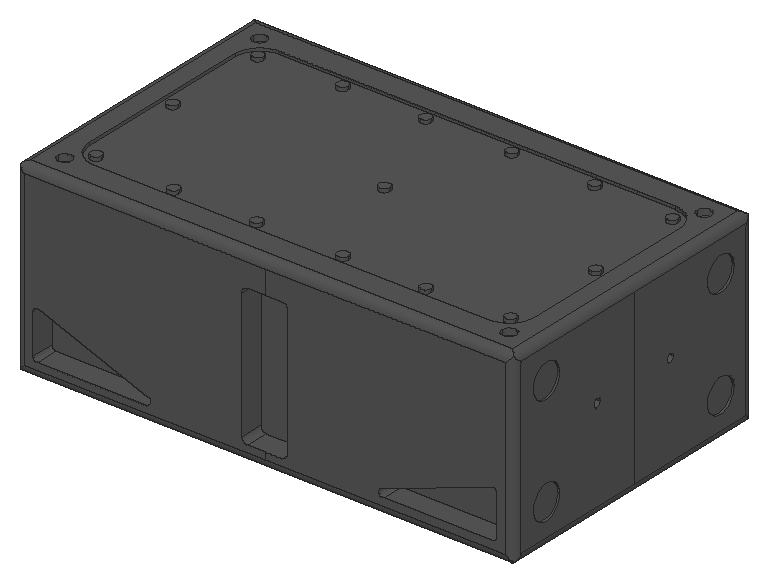
Revit family "1Electronics_Community-Subwoofers_Biamp_VLF_208", category Communication Devices, host Face, Revit 2020
Family settings
  Host = Face
  Maintain Annotation Orientation = No
  Round Connector Dimension = Use Diameter
  Part Type = Normal
  OmniClass Number = 23.85.10.11.14.14.14
  Cut with Voids When Loaded = No
  Shared = No
  Room Calculation Point = No
Parameters (values of type "VLF-208 B")
  Width = 1' - 9 3/4"  # constant formula
  Weight = 42.00 lbf  # constant formula
  URL = "https://www.biamp.com/"
  U-bracket [instance] = no
  Sensitivity (1W/1m) = "95 dB SPL (63 Hz to 160 Hz 1/3 octave bands)"  # constant formula
  Required Accessories = "Digital signal processor"  # constant formula
  Recommended Signal Processing = "55 Hz high pass filter, 48 dB/Oct"  # constant formula
  Recommended Power Amplifier = "630W to 900W @ 4 ohms"  # constant formula
  Product data url = "https://www.bimobject.com/biamp/product/vlf208_community-subwoofer"
  Product Page URL = "https://www.biamp.com/products/product-families/community/community-subwoofers#vlf208"
  Product Documentation Link = "https://downloads.biamp.com/assets/docs/default-source/data-sheets/biamp_data_sheet_community_vlf208.pdf"
  Optional Accessories = "VLF-SAB steered array bracket; VLF-Y208 yoke mounting bracket "  # constant formula
  Operating Range = "55 Hz to 400 Hz, 60 Hz to 160 Hz (±1 dB) processed "  # constant formula
  Nominal –6dB Beamwidth = "360° H x 180° V"  # constant formula
  Nominal Impedance = "4 ohms"  # constant formula
  Nom U-bracket [instance] = not([U-bracket])  # yes
  Nom Distances [instance] = if([U-bracket], 0' 10 85/256", 0' 0")  # 0' - 0"
  Mounting/Rigging Provisions = "(8) M10 hang points"  # constant formula
  Model = "VLF-208 B"
  Minimum Impedance = "4.8 ohms @ 130 Hz"  # constant formula
  Maximum Output = "120 dB SPL / 127 dB SPL (peak)"  # constant formula
  Material of U-bracket = Biamp - Metal - Black
  Manufacturer = "Biamp"  # constant formula
  Loudspeaker Type = "Compact subwoofer"  # constant formula
  Input Connection = "(1) NL4-compatible locking connector, (1) 2 conductor barrier strip "  # constant formula
  Housing Material = Biamp - Plastic - Black
  Height = 0' - 8 1/4"  # constant formula
  Enclosure = "11-ply cross-laminated birch "  # constant formula
  Drivers = "LF (2) 8 inches"  # constant formula
  Driver Protection = "DYNA-TECH™ "  # constant formula
  Description = "VLF208 Versatile Low Frequency Dual 8-Inch Slot-Loaded Micro Subwoofer"  # constant formula
  Depth = 1' - 1"  # constant formula
  Default Elevation = 4' - 0"
  Connector Description = "NL4, Terminal strip; 300W continuous, 750W program, 4 ohms 35 volts RMS, 77 volts momentary peak"  # constant formula
  Axial Q / DI = "1/0, 60 Hz to 160 Hz"  # constant formula
  Nom Angle [instance] = if([U-bracket], 180.00°, 0.00°)  # 0.00°
Reference planes (in)
  plane 1 "Center (Front/Back)": y = 0
  plane 2: z = 0
  plane 3 "Center (Left/Right)": x = 0
Lines and regions (in)
  reference lines
    curve 1: line (13.25, 0, 0) -> (-13.25, 0, 0)
    curve 2: line (0, 0, 0) -> (-17.5, 0, 0)
Dimensions and locks (in)
  "Nom Distances": curve 1 to plane 2
  "Nom Angle": angle curve 2 to curve 1
  aligned and locked: plane 2 to host face
  aligned and locked: level to host face
  aligned and locked: plane 3 "Center (Left/Right)" to nested 1
  aligned and locked: plane 1 "Center (Front/Back)" to nested 1
  aligned and locked: plane 3 "Center (Left/Right)" to curve 2
  aligned and locked: curve 1 to curve 2
  aligned and locked: nested 2 to curve 2
Automatic sketch dimensions
  host sketch curve to host sketch curve = 8' - 0"  (x2)
  curve 1 to plane 3 "Center (Left/Right)" = 1' - 1 1/4"
  plane 3 "Center (Left/Right)" to curve 1 = 1' - 1 1/4"
Nested families (in)
  nested 1: "U-bracket" at (0, 0, 0), visible <- "U-bracket", Mounting Material <- "Material of U-bracket", type "U-bracket"
    with Mounting Material Biamp - Metal - Black
  nested 2: "Biamp_VLF_208" at (0, 0, 0), Position <- "Nom U-bracket", Housing Material <- "Housing Material", type "VLF-208"
    with Position yes, Housing Material Biamp - Plastic - Black
Connectors (in)
  electrical at (-5.48423, 6.5, 5.94084), driven by "Connector Description"
    settings: on nested 2, index 1, voltage 0 V, apparent load 0 VA, apparent load phase1 0 VA, apparent load phase2 0 VA, apparent load phase3 0 VA, power factor 1, load classification "Other", number of poles 1, system type 5, power factor state 1, is connector primary yes, connector utility no, sub classification motor no, connector description "NL4, Terminal strip; 300W continuous, 750W program, 4 ohms 35 volts RMS, 77 volts momentary peak"
  electrical at (-6.88423, 6.5, 6.11916), driven by "Connector Description"
    settings: on nested 2, index 2, voltage 0 V, apparent load 0 VA, apparent load phase1 0 VA, apparent load phase2 0 VA, apparent load phase3 0 VA, power factor 1, load classification "Other", number of poles 1, system type 5, power factor state 1, is connector primary no, connector utility no, sub classification motor no, connector description "NL4, Terminal strip; 300W continuous, 750W program, 4 ohms 35 volts RMS, 77 volts momentary peak"
Definition of nested family "U-bracket"
  Parameters (values of type "U-bracket")
    URL = "https://www.biamp.com/"
    Mounting Material [instance] = none
    Manufacturer = "Biamp"  # constant formula
    Height = 0' - 0"
    Default Elevation = 4' - 0"
  Reference planes (in)
    plane 1 "Center (Front/Back)": y = 0
    plane 2: z = 0
    plane 3 "Center (Left/Right)": x = 0
  Forms (in)
    Extrusion 1, solid
      sketch origin (0, 0, 0) x (1, 0, 0) y (0, 1, 0)
        loop
          line (-48, 48) -> (-48, -48) -> (48, -48) -> (48, 48) -> (-48, 48)
      from 0 to -12
    Extrusion 2, solid, material <- "Mounting Material"
      sketch origin (0, 0, 0) x (1, 0, 0) y (0, 0, 1)
        loop
          line (-10.875, 0) -> (10.875, 0)
          arc (10.875, 0) -> (10.95852, 0.03459) -> (10.99311, 0.11811) r 0.11811
          line (10.99311, 0.11811) -> (10.99311, 6.1) -> (10.875, 6.1) -> (10.875, 0.23622)
          arc (10.875, 0.23622) -> (10.84041, 0.1527) -> (10.75689, 0.11811) r 0.11811
          line (10.75689, 0.11811) -> (-10.75689, 0.11811)
          arc (-10.75689, 0.11811) -> (-10.84041, 0.1527) -> (-10.875, 0.23622) r 0.11811
          line (-10.875, 0.23622) -> (-10.875, 6.1) -> (-10.99311, 6.1) -> (-10.99311, 0.11811)
          arc (-10.99311, 0.11811) -> (-10.95852, 0.03459) -> (-10.875, 0) r 0.11811
      from -2.6 to 2.6
    Extrusion 3, void
      sketch origin (0, 0, 0) x (0, 1, 0) y (0, 0, 1)
        loop
          line (-2.19685, 5.5) -> (-2.19685, 5.1063)
          arc (-2.19685, 5.1063) -> (-2, 4.90945) -> (-1.80315, 5.1063) r 0.19685
          line (-1.80315, 5.1063) -> (-1.80315, 5.5)
          arc (-1.80315, 5.5) -> (-2, 5.69685) -> (-2.19685, 5.5) r 0.19685
        loop
          arc (2.19685, 5.5) -> (2, 5.69685) -> (1.80315, 5.5) r 0.19685
          line (1.80315, 5.5) -> (1.80315, 5.1063)
          arc (1.80315, 5.1063) -> (2, 4.90945) -> (2.19685, 5.1063) r 0.19685
          line (2.19685, 5.1063) -> (2.19685, 5.5)
      from 10.875 to 10.99311
    Extrusion 4, void
      sketch origin (0, 0, 0) x (0, 1, 0) y (0, 0, -1)
        loop
          arc (-2.19685, -5.5) -> (-2, -5.69685) -> (-1.80315, -5.5) r 0.19685
          line (-1.80315, -5.5) -> (-1.80315, -5.1063)
          arc (-1.80315, -5.1063) -> (-2, -4.90945) -> (-2.19685, -5.1063) r 0.19685
          line (-2.19685, -5.1063) -> (-2.19685, -5.5)
        loop
          line (2.19685, -5.5) -> (2.19685, -5.1063)
          arc (2.19685, -5.1063) -> (2, -4.90945) -> (1.80315, -5.1063) r 0.19685
          line (1.80315, -5.1063) -> (1.80315, -5.5)
          arc (1.80315, -5.5) -> (2, -5.69685) -> (2.19685, -5.5) r 0.19685
      from 10.875 to 10.99311
    Extrusion 5, void
      sketch origin (0, 0, 0) x (1, 0, 0) y (0, 1, 0)
        loop
          line (-0.19685, -2.19685) -> (0.19685, -2.19685)
          arc (0.19685, -2.19685) -> (0.3937, -2) -> (0.19685, -1.80315) r 0.19685
          line (0.19685, -1.80315) -> (-0.19685, -1.80315)
          arc (-0.19685, -1.80315) -> (-0.3937, -2) -> (-0.19685, -2.19685) r 0.19685
        loop
          arc (-0.19685, 2.19685) -> (-0.3937, 2) -> (-0.19685, 1.80315) r 0.19685
          line (-0.19685, 1.80315) -> (0.19685, 1.80315)
          arc (0.19685, 1.80315) -> (0.3937, 2) -> (0.19685, 2.19685) r 0.19685
          line (0.19685, 2.19685) -> (-0.19685, 2.19685)
        loop
          arc (-2.19685, -0.19685) -> (-2, -0.3937) -> (-1.80315, -0.19685) r 0.19685
          line (-1.80315, -0.19685) -> (-1.80315, 0.19685)
          arc (-1.80315, 0.19685) -> (-2, 0.3937) -> (-2.19685, 0.19685) r 0.19685
          line (-2.19685, 0.19685) -> (-2.19685, -0.19685)
        loop
          line (2.19685, -0.19685) -> (2.19685, 0.19685)
          arc (2.19685, 0.19685) -> (2, 0.3937) -> (1.80315, 0.19685) r 0.19685
          line (1.80315, 0.19685) -> (1.80315, -0.19685)
          arc (1.80315, -0.19685) -> (2, -0.3937) -> (2.19685, -0.19685) r 0.19685
        loop
          line (8.46457, -2.19685) -> (8.85827, -2.19685)
          arc (8.85827, -2.19685) -> (9.05512, -2) -> (8.85827, -1.80315) r 0.19685
          line (8.85827, -1.80315) -> (8.46457, -1.80315)
          arc (8.46457, -1.80315) -> (8.26772, -2) -> (8.46457, -2.19685) r 0.19685
        loop
          arc (8.46457, 2.19685) -> (8.26772, 2) -> (8.46457, 1.80315) r 0.19685
          line (8.46457, 1.80315) -> (8.85827, 1.80315)
          arc (8.85827, 1.80315) -> (9.05512, 2) -> (8.85827, 2.19685) r 0.19685
          line (8.85827, 2.19685) -> (8.46457, 2.19685)
        loop
          arc (-8.46457, -2.19685) -> (-8.26772, -2) -> (-8.46457, -1.80315) r 0.19685
          line (-8.46457, -1.80315) -> (-8.85827, -1.80315)
          arc (-8.85827, -1.80315) -> (-9.05512, -2) -> (-8.85827, -2.19685) r 0.19685
          line (-8.85827, -2.19685) -> (-8.46457, -2.19685)
        loop
          line (-8.46457, 2.19685) -> (-8.85827, 2.19685)
          arc (-8.85827, 2.19685) -> (-9.05512, 2) -> (-8.85827, 1.80315) r 0.19685
          line (-8.85827, 1.80315) -> (-8.46457, 1.80315)
          arc (-8.46457, 1.80315) -> (-8.26772, 2) -> (-8.46457, 2.19685) r 0.19685
        loop
          circle (3.91942, 0) r 0.49213
        loop
          circle (-3.91942, 0) r 0.49213
      from 0 to 0.11811
    Extrusion 6, void
      sketch origin (0, 0, 0) x (0, 1, 0) y (0, 0, 1)
        loop
          line (-2.6, 6.1) -> (-2.6, 5.7063)
          arc (-2.6, 5.7063) -> (-2.48469, 5.98469) -> (-2.2063, 6.1) r 0.3937
          line (-2.2063, 6.1) -> (-2.6, 6.1)
        loop
          line (2.6, 6.1) -> (2.2063, 6.1)
          arc (2.2063, 6.1) -> (2.48469, 5.98469) -> (2.6, 5.7063) r 0.3937
          line (2.6, 5.7063) -> (2.6, 6.1)
      from 10.875 to 10.99311
    Extrusion 7, void
      sketch origin (0, 0, 0) x (0, 1, 0) y (0, 0, -1)
        loop
          line (-2.6, -6.1) -> (-2.2063, -6.1)
          arc (-2.2063, -6.1) -> (-2.48469, -5.98469) -> (-2.6, -5.7063) r 0.3937
          line (-2.6, -5.7063) -> (-2.6, -6.1)
        loop
          line (2.6, -6.1) -> (2.6, -5.7063)
          arc (2.6, -5.7063) -> (2.48469, -5.98469) -> (2.2063, -6.1) r 0.3937
          line (2.2063, -6.1) -> (2.6, -6.1)
      from 10.875 to 10.99311
    Extrusion 8, solid, material <- "Mounting Material"
      sketch origin (0, 0, 0) x (0, 1, 0) y (0, 0, 1)
        loop
          line (-1.80679, 5.16535) -> (-1.61358, 5.5) -> (-1.80679, 5.83465) -> (-2.19321, 5.83465) -> (-2.38642, 5.5) -> (-2.19321, 5.16535) -> (-1.80679, 5.16535)
        loop
          line (1.80679, 5.16535) -> (2.19321, 5.16535) -> (2.38642, 5.5) -> (2.19321, 5.83465) -> (1.80679, 5.83465) -> (1.61358, 5.5) -> (1.80679, 5.16535)
      from 10.99311 to 11.24508
    Extrusion 9, solid, material <- "Mounting Material"
      sketch origin (0, 0, 0) x (0, 1, 0) y (0, 0, -1)
        loop
          line (-1.80679, -5.16535) -> (-2.19321, -5.16535) -> (-2.38642, -5.5) -> (-2.19321, -5.83465) -> (-1.80679, -5.83465) -> (-1.61358, -5.5) -> (-1.80679, -5.16535)
        loop
          line (1.80679, -5.16535) -> (1.61358, -5.5) -> (1.80679, -5.83465) -> (2.19321, -5.83465) -> (2.38642, -5.5) -> (2.19321, -5.16535) -> (1.80679, -5.16535)
      from 10.99311 to 11.24508
  Cuts and joins
    Extrusion 3, Extrusion 4, Extrusion 5, Extrusion 6, Extrusion 7 cuts Extrusion 2
  Lines and regions (in)
    Masking region 1
      outline origin (0, 0, 0) x (1, 0, 0) y (0, 0, 1)
        loop
          line (-10.875, 0.23622) -> (-10.875, 6.1) -> (-10.99311, 6.1) -> (-10.99311, 0.11811)
          arc (-10.99311, 0.11811) -> (-10.95852, 0.03459) -> (-10.875, 0) r 0.11811
          line (-10.875, 0) -> (10.875, 0)
          arc (10.875, 0) -> (10.95852, 0.03459) -> (10.99311, 0.11811) r 0.11811
          line (10.99311, 0.11811) -> (10.99311, 6.1) -> (10.875, 6.1) -> (10.875, 0.23622)
          arc (10.875, 0.23622) -> (10.84041, 0.1527) -> (10.75689, 0.11811) r 0.11811
          line (10.75689, 0.11811) -> (-10.75689, 0.11811)
          arc (-10.75689, 0.11811) -> (-10.84041, 0.1527) -> (-10.875, 0.23622) r 0.11811
    Masking region 2
      outline origin (0, 0, 0) x (0, 1, 0) y (0, 0, 1)
        loop
          line (-1.80315, 5.1063) -> (-1.80315, 5.16535) -> (-2.19685, 5.16535) -> (-2.19685, 5.1063)
          arc (-2.19685, 5.1063) -> (-2, 4.90945) -> (-1.80315, 5.1063) r 0.19685
        loop
          arc (1.80315, 5.1063) -> (2, 4.90945) -> (2.19685, 5.1063) r 0.19685
          line (2.19685, 5.1063) -> (2.19685, 5.16535) -> (1.80315, 5.16535) -> (1.80315, 5.1063)
        loop
          arc (-2.2063, 6.1) -> (-2.48469, 5.98469) -> (-2.6, 5.7063) r 0.3937
          line (-2.6, 5.7063) -> (-2.6, 0) -> (2.6, 0) -> (2.6, 5.7063)
          arc (2.6, 5.7063) -> (2.48469, 5.98469) -> (2.2063, 6.1) r 0.3937
          line (2.2063, 6.1) -> (-2.2063, 6.1)
    Masking region 3
      outline origin (0, 0, 0) x (1, 0, 0) y (0, 1, 0)
        loop
          line (10.99311, 2.6) -> (-10.99311, 2.6) -> (-10.99311, -2.6) -> (10.99311, -2.6) -> (10.99311, 2.6)
        loop
          circle (-3.91942, 0) r 0.49213
        loop
          line (-2.19685, 0.19685) -> (-2.19685, -0.19685)
          arc (-2.19685, -0.19685) -> (-2, -0.3937) -> (-1.80315, -0.19685) r 0.19685
          line (-1.80315, -0.19685) -> (-1.80315, 0.19685)
          arc (-1.80315, 0.19685) -> (-2, 0.3937) -> (-2.19685, 0.19685) r 0.19685
        loop
          line (-0.19685, 1.80315) -> (0.19685, 1.80315)
          arc (0.19685, 1.80315) -> (0.3937, 2) -> (0.19685, 2.19685) r 0.19685
          line (0.19685, 2.19685) -> (-0.19685, 2.19685)
          arc (-0.19685, 2.19685) -> (-0.3937, 2) -> (-0.19685, 1.80315) r 0.19685
        loop
          line (8.85827, 2.19685) -> (8.46457, 2.19685)
          arc (8.46457, 2.19685) -> (8.26772, 2) -> (8.46457, 1.80315) r 0.19685
          line (8.46457, 1.80315) -> (8.85827, 1.80315)
          arc (8.85827, 1.80315) -> (9.05512, 2) -> (8.85827, 2.19685) r 0.19685
        loop
          line (-8.46457, 2.19685) -> (-8.85827, 2.19685)
          arc (-8.85827, 2.19685) -> (-9.05512, 2) -> (-8.85827, 1.80315) r 0.19685
          line (-8.85827, 1.80315) -> (-8.46457, 1.80315)
          arc (-8.46457, 1.80315) -> (-8.26772, 2) -> (-8.46457, 2.19685) r 0.19685
        loop
          arc (-0.19685, -1.80315) -> (-0.3937, -2) -> (-0.19685, -2.19685) r 0.19685
          line (-0.19685, -2.19685) -> (0.19685, -2.19685)
          arc (0.19685, -2.19685) -> (0.3937, -2) -> (0.19685, -1.80315) r 0.19685
          line (0.19685, -1.80315) -> (-0.19685, -1.80315)
        loop
          arc (8.85827, -2.19685) -> (9.05512, -2) -> (8.85827, -1.80315) r 0.19685
          line (8.85827, -1.80315) -> (8.46457, -1.80315)
          arc (8.46457, -1.80315) -> (8.26772, -2) -> (8.46457, -2.19685) r 0.19685
          line (8.46457, -2.19685) -> (8.85827, -2.19685)
        loop
          arc (-8.46457, -2.19685) -> (-8.26772, -2) -> (-8.46457, -1.80315) r 0.19685
          line (-8.46457, -1.80315) -> (-8.85827, -1.80315)
          arc (-8.85827, -1.80315) -> (-9.05512, -2) -> (-8.85827, -2.19685) r 0.19685
          line (-8.85827, -2.19685) -> (-8.46457, -2.19685)
        loop
          circle (3.91942, 0) r 0.49213
        loop
          arc (2.19685, 0.19685) -> (2, 0.3937) -> (1.80315, 0.19685) r 0.19685
          line (1.80315, 0.19685) -> (1.80315, -0.19685)
          arc (1.80315, -0.19685) -> (2, -0.3937) -> (2.19685, -0.19685) r 0.19685
          line (2.19685, -0.19685) -> (2.19685, 0.19685)
    Masking region 4
      outline origin (0, 0, 0) x (1, 0, 0) y (0, 1, 0)
        loop
          line (-11.24508, 2.38642) -> (-11.24508, 1.61358) -> (-10.99311, 1.61358) -> (-10.99311, 2.38642) -> (-11.24508, 2.38642)
        loop
          line (-11.24508, -2.38642) -> (-10.99311, -2.38642) -> (-10.99311, -1.61358) -> (-11.24508, -1.61358) -> (-11.24508, -2.38642)
        loop
          line (11.24508, 2.38642) -> (10.99311, 2.38642) -> (10.99311, 1.61358) -> (11.24508, 1.61358) -> (11.24508, 2.38642)
        loop
          line (11.24508, -2.38642) -> (11.24508, -1.61358) -> (10.99311, -1.61358) -> (10.99311, -2.38642) -> (11.24508, -2.38642)
    symbolic lines
      curve 1: line (-10.875, 2.6, 0) -> (-10.875, -2.6, 0)
      curve 2: line (10.875, 2.6, 0) -> (10.875, -2.6, 0)
      curve 3: line (0, -2.38642, 5.5) -> (0, -2.19321, 5.83465)
      curve 4: line (0, -2.19321, 5.83465) -> (0, -1.80679, 5.83465)
      curve 5: line (0, -1.80679, 5.83465) -> (0, -1.61358, 5.5)
      curve 6: line (0, -1.61358, 5.5) -> (0, -1.80315, 5.16535)
      curve 7: line (0, -2.19685, 5.16535) -> (0, -2.38642, 5.5)
      curve 8: line (0, 2.38642, 5.5) -> (0, 2.19321, 5.83465)
      curve 9: line (0, 2.19321, 5.83465) -> (0, 1.80679, 5.83465)
      curve 10: line (0, 1.80679, 5.83465) -> (0, 1.61358, 5.5)
      curve 11: line (0, 1.61358, 5.5) -> (0, 1.80315, 5.16535)
      curve 12: line (0, 2.19685, 5.16535) -> (0, 2.38642, 5.5)
      curve 13: line (-11.24508, 2.19321, 0) -> (-10.99311, 2.19321, 0)
      curve 14: line (-11.24508, 1.80679, 0) -> (-10.99311, 1.80679, 0)
      curve 15: line (-11.24508, -2.19321, 0) -> (-10.99311, -2.19321, 0)
      curve 16: line (-11.24508, -1.80679, 0) -> (-10.99311, -1.80679, 0)
      curve 17: line (11.24508, 2.19321, 0) -> (10.99311, 2.19321, 0)
      curve 18: line (11.24508, 1.80679, 0) -> (10.99311, 1.80679, 0)
      curve 19: line (11.24508, -2.19321, 0) -> (10.99311, -2.19321, 0)
      curve 20: line (11.24508, -1.80679, 0) -> (10.99311, -1.80679, 0)
  Dimensions and locks (in)
    aligned and locked: plane 2 to Extrusion 1
    aligned and locked: level to Extrusion 1
Definition of nested family "Biamp_VLF_208"
  Parameters (values of type "VLF-208")
    URL = ""
    Position [instance] = yes
    Model = ""
    Manufacturer = ""
    Housing Material [instance] = none
    Description = ""
    Default Elevation = 4' - 0"
  Reference planes (in)
    plane 1 "Center (Front/Back)": y = 0
    plane 2: z = 0
    plane 3 "Center (Left/Right)": x = 0
    plane 4: x = -10.875
    plane 5: x = 10.875
    plane 6: y = 6.5
    plane 7: y = -6.5
    plane 8: z = 8.61732
    plane 9: z = 0.36732
    plane 10: y = -5.5
    plane 11: z = 8.36732
    plane 12: z = 8.49232
    plane 13: x = 10.75
    plane 14: x = 10.625
    plane 15: x = -10.625
  Forms (in)
    Extrusion 1, solid
      sketch origin (0, 0, 0) x (1, 0, 0) y (0, 1, 0)
        loop
          line (-48, 48) -> (-48, -48) -> (48, -48) -> (48, 48) -> (-48, 48)
      from 0 to -12
    Extrusion 2, solid, material <- "Housing Material", detail levels medium+fine
      sketch origin (0, 0, 0) x (1, 0, 0) y (0, 1, 0)
        loop
          line (-10.875, 6.125) -> (-10.875, -6.125)
          arc (-10.875, -6.125) -> (-10.76517, -6.39017) -> (-10.5, -6.5) r 0.375
          line (-10.5, -6.5) -> (0, -6.5) -> (10.5, -6.5)
          arc (10.5, -6.5) -> (10.76517, -6.39017) -> (10.875, -6.125) r 0.375
          line (10.875, -6.125) -> (10.875, 0) -> (10.875, 6.125)
          arc (10.875, 6.125) -> (10.76517, 6.39017) -> (10.5, 6.5) r 0.375
          line (10.5, 6.5) -> (-10.5, 6.5)
          arc (-10.5, 6.5) -> (-10.76517, 6.39017) -> (-10.875, 6.125) r 0.375
      from 0.36732 to 8.61732
    Extrusion 3, solid, material <- "Housing Material", visible <- "Position", detail levels medium+fine
      sketch origin (0, 0, 0) x (1, 0, 0) y (0, 1, 0)
        loop
          circle (-8.625, 4.25) r 0.75
        loop
          circle (8.625, 4.25) r 0.75
        loop
          circle (8.625, -4.25) r 0.75
        loop
          circle (-8.625, -4.25) r 0.75
      from 0 to 0.36732
    Extrusion 4, void
      sketch origin (0, 0, 0) x (1, 0, 0) y (0, 0, 1)
        loop
          line (-0.75, 1.07598) -> (0.75, 1.07598)
          arc (0.75, 1.07598) -> (0.92678, 1.14921) -> (1, 1.32598) r 0.25
          line (1, 1.32598) -> (1, 6.95)
          arc (1, 6.95) -> (0.92678, 7.12678) -> (0.75, 7.2) r 0.25
          line (0.75, 7.2) -> (-0.75, 7.2)
          arc (-0.75, 7.2) -> (-0.92678, 7.12678) -> (-1, 6.95) r 0.25
          line (-1, 6.95) -> (-1, 1.32598)
          arc (-1, 1.32598) -> (-0.92678, 1.14921) -> (-0.75, 1.07598) r 0.25
        loop
          line (10.125, 1.26496) -> (10.125, 3.0122)
          arc (10.125, 3.0122) -> (10.04483, 3.16621) -> (9.87269, 3.18887) r 0.188
          line (9.87269, 3.18887) -> (5.09639, 1.45034)
          arc (5.09639, 1.45034) -> (4.97234, 1.23547) -> (5.1624, 1.07598) r 0.193
          line (5.1624, 1.07598) -> (9.93602, 1.07598)
          arc (9.93602, 1.07598) -> (10.06965, 1.13133) -> (10.125, 1.26496) r 0.18898
        loop
          arc (-10.125, 1.26496) -> (-10.06965, 1.13133) -> (-9.93602, 1.07598) r 0.18898
          line (-9.93602, 1.07598) -> (-5.1624, 1.07598)
          arc (-5.1624, 1.07598) -> (-4.97234, 1.23547) -> (-5.09639, 1.45034) r 0.193
          line (-5.09639, 1.45034) -> (-9.87269, 3.18887)
          arc (-9.87269, 3.18887) -> (-10.04483, 3.16621) -> (-10.125, 3.0122) r 0.188
          line (-10.125, 3.0122) -> (-10.125, 1.26496)
      from 5.5 to 6.5
    Extrusion 5, void
      sketch origin (0, 0, 0) x (1, 0, 0) y (0, 0, 1)
        loop
          line (-10.875, 8.61732) -> (-10.875, 8.24232)
          arc (-10.875, 8.24232) -> (-10.76517, 8.50749) -> (-10.5, 8.61732) r 0.375
          line (-10.5, 8.61732) -> (-10.875, 8.61732)
        loop
          line (10.875, 8.61732) -> (10.5, 8.61732)
          arc (10.5, 8.61732) -> (10.76517, 8.50749) -> (10.875, 8.24232) r 0.375
          line (10.875, 8.24232) -> (10.875, 8.61732)
        loop
          line (-10.875, 0.36732) -> (-10.5, 0.36732)
          arc (-10.5, 0.36732) -> (-10.76517, 0.47716) -> (-10.875, 0.74232) r 0.375
          line (-10.875, 0.74232) -> (-10.875, 0.36732)
        loop
          line (10.875, 0.36732) -> (10.875, 0.74232)
          arc (10.875, 0.74232) -> (10.76517, 0.47716) -> (10.5, 0.36732) r 0.375
          line (10.5, 0.36732) -> (10.875, 0.36732)
      from -6.5 to 6.5
    Extrusion 6, void
      sketch origin (0, 0, 0) x (0, 1, 0) y (0, 0, 1)
        loop
          line (-6.5, 8.61732) -> (-6.5, 8.24232)
          arc (-6.5, 8.24232) -> (-6.39017, 8.50749) -> (-6.125, 8.61732) r 0.375
          line (-6.125, 8.61732) -> (-6.5, 8.61732)
        loop
          line (6.5, 8.61732) -> (6.125, 8.61732)
          arc (6.125, 8.61732) -> (6.39017, 8.50749) -> (6.5, 8.24232) r 0.375
          line (6.5, 8.24232) -> (6.5, 8.61732)
        loop
          line (-6.5, 0.36732) -> (-6.125, 0.36732)
          arc (-6.125, 0.36732) -> (-6.39017, 0.47716) -> (-6.5, 0.74232) r 0.375
          line (-6.5, 0.74232) -> (-6.5, 0.36732)
        loop
          line (6.5, 0.36732) -> (6.5, 0.74232)
          arc (6.5, 0.74232) -> (6.39017, 0.47716) -> (6.125, 0.36732) r 0.375
          line (6.125, 0.36732) -> (6.5, 0.36732)
      from -10.875 to 10.875
    Extrusion 7, void
      sketch origin (0, 0, 0) x (1, 0, 0) y (0, 1, 0)
        loop
          circle (-9.69034, 5.32063) r 0.31275
        loop
          circle (9.70807, 5.32063) r 0.31275
        loop
          circle (9.70807, -5.32063) r 0.31275
        loop
          circle (-9.69034, -5.32063) r 0.31275
      from 8.36732 to 8.61732
    Extrusion 8, void
      sketch origin (0, 0, 0) x (1, 0, 0) y (0, 1, 0)
        loop
          line (-9.70275, 3.96193) -> (-9.70275, -3.96193)
          arc (-9.70275, -3.96193) -> (-9.37444, -4.75453) -> (-8.58183, -5.08284) r 1.12091
          line (-8.58183, -5.08284) -> (0.00887, -5.08284) -> (8.59956, -5.08284)
          arc (8.59956, -5.08284) -> (9.39217, -4.75453) -> (9.72048, -3.96193) r 1.12091
          line (9.72048, -3.96193) -> (9.72048, 3.96193)
          arc (9.72048, 3.96193) -> (9.39217, 4.75453) -> (8.59956, 5.08284) r 1.12091
          line (8.59956, 5.08284) -> (-8.58183, 5.08284)
          arc (-8.58183, 5.08284) -> (-9.37444, 4.75453) -> (-9.70275, 3.96193) r 1.12091
        loop
          circle (-9.03878, 4.41888) r 0.23639
        loop
          circle (-5.4999, 4.6081) r 0.23639
        loop
          circle (-9.22801, 0) r 0.23639
        loop
          circle (-9.03878, -4.41888) r 0.23639
        loop
          circle (-5.4999, -4.6081) r 0.23639
        loop
          circle (-1.88095, -4.6081) r 0.23639
        loop
          circle (0.00887, 0) r 0.23639
        loop
          circle (-1.88095, 4.6081) r 0.23639
        loop
          circle (9.03878, 4.41888) r 0.23639
        loop
          circle (5.4999, 4.6081) r 0.23639
        loop
          circle (9.22801, 0) r 0.23639
        loop
          circle (9.03878, -4.41888) r 0.23639
        loop
          circle (5.4999, -4.6081) r 0.23639
        loop
          circle (1.88095, -4.6081) r 0.23639
        loop
          circle (1.88095, 4.6081) r 0.23639
      from 8.49232 to 8.61732
    Extrusion 9, void
      sketch origin (0, 0, 0) x (0, 1, 0) y (0, 0, 1)
        loop
          circle (-4.75, 6.90832) r 0.75
        loop
          circle (4.75, 6.90832) r 0.75
        loop
          circle (-4.75, 2.15832) r 0.75
        loop
          circle (4.75, 2.15832) r 0.75
      from 10.75 to 10.875
    Extrusion 10, void
      sketch origin (0, 0, 0) x (0, 1, 0) y (0, 0, 1)
        loop
          circle (-2, 4.83232) r 0.19685
        loop
          circle (2, 4.83232) r 0.19685
      from 10.625 to 10.875
    Extrusion 11, void
      sketch origin (0, 0, 0) x (0, 1, 0) y (0, 0, -1)
        loop
          circle (-2, -4.83232) r 0.19685
        loop
          circle (2, -4.83232) r 0.19685
      from 10.625 to 10.875
    Extrusion 12, solid, material <- "Housing Material", detail levels coarse
      sketch origin (0, 0, 0) x (1, 0, 0) y (0, 1, 0)
        loop
          arc (10.5, -6.5) -> (10.76517, -6.39017) -> (10.875, -6.125) r 0.375
          line (10.875, -6.125) -> (10.875, 6.125)
          arc (10.875, 6.125) -> (10.76517, 6.39017) -> (10.5, 6.5) r 0.375
          line (10.5, 6.5) -> (-10.5, 6.5)
          arc (-10.5, 6.5) -> (-10.76517, 6.39017) -> (-10.875, 6.125) r 0.375
          line (-10.875, 6.125) -> (-10.875, -6.125)
          arc (-10.875, -6.125) -> (-10.76517, -6.39017) -> (-10.5, -6.5) r 0.375
          line (-10.5, -6.5) -> (10.5, -6.5)
      from 0 to 8.61732
    Extrusion 13, void
      sketch origin (-7.00267, -4.72857, -8.05809) x (-1, 0, 0) y (0, 0, 1)
        loop
          line (-2.86901, 15.25741) -> (-2.86901, 13.09546) -> (0.46333, 13.09546) -> (0.46333, 15.25741) -> (-2.86901, 15.25741)
      from 11.08886 to 11.22857
    Extrusion 14, solid, material <- "Housing Material", detail levels medium+fine
      sketch origin (-6.96075, -4.72857, -8.76675) x (1, 0, 0) y (0, 0, 1)
        loop
          line (0.40829, 15.36609) -> (0.40829, 14.05412) -> (2.57708, 14.05412) -> (2.57708, 15.36609) -> (0.40829, 15.36609)
      from -11.08886 to -10.94488
    Extrusion 15, solid, material <- "Housing Material", detail levels medium+fine
      sketch origin (-6.98532, -4.72857, -7.79413) x (1, 0, 0) y (0, 0, 1)
        loop
          line (-0.23068, 14.74345) -> (-0.23068, 13.0815) -> (0.43287, 13.0815) -> (0.43287, 14.74345) -> (-0.23068, 14.74345)
      from -11.08886 to -10.94488
    Extrusion 16, solid, material <- "Housing Material", detail levels medium+fine
      sketch origin (-5.97624, -0.18144, -2.76282) x (1, 0, 0) y (0, 0, 1)
        loop
          arc (0.21352, 8.33355) -> (0.86424, 8.42519) -> (0.7873, 9.07782) r 0.47
          arc (0.7873, 9.07782) -> (0.11979, 8.99912) -> (0.21352, 8.33355) r 0.47
      from -6.54173 to -6.61159
    Extrusion 17, solid, material <- "Housing Material", detail levels medium+fine
      sketch origin (-5.97624, -0.14822, -2.76282) x (1, 0, 0) y (0, 0, 1)
        loop
          line (0.43052, 8.37395) -> (0.41934, 8.31246)
          arc (0.41934, 8.31246) -> (0.49201, 8.3059) -> (0.56469, 8.31246) r 0.40625
          line (0.56469, 8.31246) -> (0.55351, 8.37395)
          arc (0.55351, 8.37395) -> (0.83449, 8.68253) -> (0.61067, 9.03478) r 0.34375
          line (0.61067, 9.03478) -> (0.63225, 9.09343)
          arc (0.63225, 9.09343) -> (0.49201, 9.1184) -> (0.35178, 9.09343) r 0.40625
          line (0.35178, 9.09343) -> (0.37336, 9.03478)
          arc (0.37336, 9.03478) -> (0.14954, 8.68253) -> (0.43052, 8.37395) r 0.34375
      from -6.64822 to -6.57837
    Extrusion 18, solid, material <- "Housing Material", detail levels medium+fine
      sketch origin (-5.97624, -0.14822, -2.76282) x (1, 0, 0) y (0, 0, 1)
        loop
          circle (-0.90799, 9.4576) r 0.125
        loop
          circle (-0.90799, 9.0706) r 0.0785
        loop
          circle (-0.90799, 8.6956) r 0.0785
        loop
          circle (-0.90799, 8.3086) r 0.125
      from -6.64822 to -6.50851
  Cuts and joins
    Extrusion 8 cuts Extrusion 3
    Extrusion 4, Extrusion 5, Extrusion 6, Extrusion 7, Extrusion 8, Extrusion 9, Extrusion 10, Extrusion 11, Extrusion 13 cuts Extrusion 2
    joined: Extrusion 2, Extrusion 14, Extrusion 15
  Lines and regions (in)
    Masking region 1
      outline origin (0, 0, 0) x (1, 0, 0) y (0, 1, 0)
        loop
          line (10.5, 6.5) -> (-10.5, 6.5)
          arc (-10.5, 6.5) -> (-10.76517, 6.39017) -> (-10.875, 6.125) r 0.375
          line (-10.875, 6.125) -> (-10.875, -6.125)
          arc (-10.875, -6.125) -> (-10.76517, -6.39017) -> (-10.5, -6.5) r 0.375
          line (-10.5, -6.5) -> (10.5, -6.5)
          arc (10.5, -6.5) -> (10.76517, -6.39017) -> (10.875, -6.125) r 0.375
          line (10.875, -6.125) -> (10.875, 6.125)
          arc (10.875, 6.125) -> (10.76517, 6.39017) -> (10.5, 6.5) r 0.375
    Masking region 2
      outline origin (0, 0, 0) x (1, 0, 0) y (0, 0, 1)
        loop
          line (-10.875, 8.24232) -> (-10.875, 0.74232)
          arc (-10.875, 0.74232) -> (-10.76517, 0.47716) -> (-10.5, 0.36732) r 0.375
          line (-10.5, 0.36732) -> (-9.375, 0.36732) -> (-9.375, 0) -> (-7.875, 0) -> (-7.875, 0.36732) -> (7.875, 0.36732) -> (7.875, 0) -> (9.375, 0) -> (9.375, 0.36732) -> (10.5, 0.36732)
          arc (10.5, 0.36732) -> (10.76517, 0.47716) -> (10.875, 0.74232) r 0.375
          line (10.875, 0.74232) -> (10.875, 8.24232)
          arc (10.875, 8.24232) -> (10.76517, 8.50749) -> (10.5, 8.61732) r 0.375
          line (10.5, 8.61732) -> (-10.5, 8.61732)
          arc (-10.5, 8.61732) -> (-10.76517, 8.50749) -> (-10.875, 8.24232) r 0.375
    Masking region 3
      outline origin (0, 0, 0) x (0, 1, 0) y (0, 0, 1)
        loop
          line (-6.125, 0.36732) -> (-5, 0.36732) -> (-5, 0) -> (-3.5, 0) -> (-3.5, 0.36732) -> (3.5, 0.36732) -> (3.5, 0) -> (5, 0) -> (5, 0.36732) -> (6.125, 0.36732)
          arc (6.125, 0.36732) -> (6.39017, 0.47716) -> (6.5, 0.74232) r 0.375
          line (6.5, 0.74232) -> (6.5, 8.24232)
          arc (6.5, 8.24232) -> (6.39017, 8.50749) -> (6.125, 8.61732) r 0.375
          line (6.125, 8.61732) -> (-6.125, 8.61732)
          arc (-6.125, 8.61732) -> (-6.39017, 8.50749) -> (-6.5, 8.24232) r 0.375
          line (-6.5, 8.24232) -> (-6.5, 0.74232)
          arc (-6.5, 0.74232) -> (-6.39017, 0.47716) -> (-6.125, 0.36732) r 0.375
    symbolic lines
      curve 1: line (-8.58183, 5.08284, 0) -> (8.59956, 5.08284, 0)
      curve 2: arc (8.59956, 5.08284, 0) -> (9.39217, 4.75453, 0) -> (9.72048, 3.96193, 0) r 1.12091
      curve 3: line (9.72048, 3.96193, 0) -> (9.72048, -3.96193, 0)
      curve 4: arc (9.72048, -3.96193, 0) -> (9.39217, -4.75453, 0) -> (8.59956, -5.08284, 0) r 1.12091
      curve 5: line (8.59956, -5.08284, 0) -> (0.00887, -5.08284, 0)
      curve 6: line (0.00887, -5.08284, 0) -> (-8.58183, -5.08284, 0)
      curve 7: arc (-8.58183, -5.08284, 0) -> (-9.37444, -4.75453, 0) -> (-9.70275, -3.96193, 0) r 1.12091
      curve 8: line (-9.70275, -3.96193, 0) -> (-9.70275, 3.96193, 0)
      curve 9: arc (-9.70275, 3.96193, 0) -> (-9.37444, 4.75453, 0) -> (-8.58183, 5.08284, 0) r 1.12091
      curve 10: arc (-5.73629, 4.6081, 0) -> (-5.4999, 4.37171, 0) -> (-5.26351, 4.6081, 0) r 0.23639
      curve 11: arc (-5.26351, 4.6081, 0) -> (-5.4999, 4.8445, 0) -> (-5.73629, 4.6081, 0) r 0.23639
      curve 12: arc (-8.80239, 4.41888, 0) -> (-9.03878, 4.65527, 0) -> (-9.27517, 4.41888, 0) r 0.23639
      curve 13: arc (-9.27517, 4.41888, 0) -> (-9.03878, 4.18249, 0) -> (-8.80239, 4.41888, 0) r 0.23639
      curve 14: arc (-8.99162, 0, 0) -> (-9.22801, 0.23639, 0) -> (-9.4644, 0, 0) r 0.23639
      curve 15: arc (-9.4644, 0, 0) -> (-9.22801, -0.23639, 0) -> (-8.99162, 0, 0) r 0.23639
      curve 16: arc (0.24526, 0, 0) -> (0.00887, 0.23639, 0) -> (-0.22753, 0, 0) r 0.23639
      curve 17: arc (-0.22753, 0, 0) -> (0.00887, -0.23639, 0) -> (0.24526, 0, 0) r 0.23639
      curve 18: arc (-2.11735, -4.6081, 0) -> (-1.88095, -4.8445, 0) -> (-1.64456, -4.6081, 0) r 0.23639
      curve 19: arc (-1.64456, -4.6081, 0) -> (-1.88095, -4.37171, 0) -> (-2.11735, -4.6081, 0) r 0.23639
      curve 20: arc (-5.26351, -4.6081, 0) -> (-5.4999, -4.37171, 0) -> (-5.73629, -4.6081, 0) r 0.23639
      curve 21: arc (-5.73629, -4.6081, 0) -> (-5.4999, -4.8445, 0) -> (-5.26351, -4.6081, 0) r 0.23639
      curve 22: arc (-8.80239, -4.41888, 0) -> (-9.03878, -4.18249, 0) -> (-9.27517, -4.41888, 0) r 0.23639
      curve 23: arc (-9.27517, -4.41888, 0) -> (-9.03878, -4.65527, 0) -> (-8.80239, -4.41888, 0) r 0.23639
      curve 24: arc (5.73629, 4.6081, 0) -> (5.4999, 4.37171, 0) -> (5.26351, 4.6081, 0) r 0.23639
      curve 25: arc (5.26351, 4.6081, 0) -> (5.4999, 4.8445, 0) -> (5.73629, 4.6081, 0) r 0.23639
      curve 26: arc (8.80239, 4.41888, 0) -> (9.03878, 4.65527, 0) -> (9.27517, 4.41888, 0) r 0.23639
      curve 27: arc (9.27517, 4.41888, 0) -> (9.03878, 4.18249, 0) -> (8.80239, 4.41888, 0) r 0.23639
      curve 28: arc (8.99162, 0, 0) -> (9.22801, 0.23639, 0) -> (9.4644, 0, 0) r 0.23639
      curve 29: arc (9.4644, 0, 0) -> (9.22801, -0.23639, 0) -> (8.99162, 0, 0) r 0.23639
      curve 30: arc (2.11735, -4.6081, 0) -> (1.88095, -4.8445, 0) -> (1.64456, -4.6081, 0) r 0.23639
      curve 31: arc (1.64456, -4.6081, 0) -> (1.88095, -4.37171, 0) -> (2.11735, -4.6081, 0) r 0.23639
      curve 32: arc (5.26351, -4.6081, 0) -> (5.4999, -4.37171, 0) -> (5.73629, -4.6081, 0) r 0.23639
      curve 33: arc (5.73629, -4.6081, 0) -> (5.4999, -4.8445, 0) -> (5.26351, -4.6081, 0) r 0.23639
      curve 34: arc (8.80239, -4.41888, 0) -> (9.03878, -4.18249, 0) -> (9.27517, -4.41888, 0) r 0.23639
      curve 35: arc (9.27517, -4.41888, 0) -> (9.03878, -4.65527, 0) -> (8.80239, -4.41888, 0) r 0.23639
      curve 36: arc (-2.11735, 4.6081, 0) -> (-1.88095, 4.8445, 0) -> (-1.64456, 4.6081, 0) r 0.23639
      curve 37: arc (-1.64456, 4.6081, 0) -> (-1.88095, 4.37171, 0) -> (-2.11735, 4.6081, 0) r 0.23639
      curve 38: arc (2.11735, 4.6081, 0) -> (1.88095, 4.8445, 0) -> (1.64456, 4.6081, 0) r 0.23639
      curve 39: arc (1.64456, 4.6081, 0) -> (1.88095, 4.37171, 0) -> (2.11735, 4.6081, 0) r 0.23639
      curve 40: arc (-9.37758, 5.32063, 0) -> (-9.69034, 5.00788, 0) -> (-10.00309, 5.32063, 0) r 0.31275
      curve 41: arc (-10.00309, 5.32063, 0) -> (-9.69034, 5.63339, 0) -> (-9.37758, 5.32063, 0) r 0.31275
      curve 42: arc (-10.00309, -5.32063, 0) -> (-9.69034, -5.00788, 0) -> (-9.37758, -5.32063, 0) r 0.31275
      curve 43: arc (-9.37758, -5.32063, 0) -> (-9.69034, -5.63339, 0) -> (-10.00309, -5.32063, 0) r 0.31275
      curve 44: arc (9.39531, 5.32063, 0) -> (9.70807, 5.63339, 0) -> (10.02082, 5.32063, 0) r 0.31275
      curve 45: arc (10.02082, 5.32063, 0) -> (9.70807, 5.00788, 0) -> (9.39531, 5.32063, 0) r 0.31275
      curve 46: arc (9.39531, -5.32063, 0) -> (9.70807, -5.00788, 0) -> (10.02082, -5.32063, 0) r 0.31275
      curve 47: arc (10.02082, -5.32063, 0) -> (9.70807, -5.63339, 0) -> (9.39531, -5.32063, 0) r 0.31275
      curve 48: line (10.5, 0, 8.61732) -> (-10.5, 0, 8.61732)
      curve 49: arc (-10.5, 0, 8.61732) -> (-10.76517, 0, 8.50749) -> (-10.875, 0, 8.24232) r 0.375
      curve 50: line (-10.875, 0, 8.24232) -> (-10.875, 0, 0.74232)
      curve 51: arc (-10.875, 0, 0.74232) -> (-10.76517, 0, 0.47716) -> (-10.5, 0, 0.36732) r 0.375
      curve 52: line (-10.5, 0, 0.36732) -> (-9.375, 0, 0.36732)
      curve 53: line (-9.375, 0, 0.36732) -> (-9.375, 0, 0)
      curve 54: line (-9.375, 0, 0) -> (-7.875, 0, 0)
      curve 55: line (-7.875, 0, 0) -> (-7.875, 0, 0.36732)
      curve 56: line (-7.875, 0, 0.36732) -> (7.875, 0, 0.36732)
      curve 57: line (7.875, 0, 0.36732) -> (7.875, 0, 0)
      curve 58: line (7.875, 0, 0) -> (9.375, 0, 0)
      curve 59: line (9.375, 0, 0) -> (9.375, 0, 0.36732)
      curve 60: line (9.375, 0, 0.36732) -> (10.5, 0, 0.36732)
      curve 61: arc (10.5, 0, 0.36732) -> (10.76517, 0, 0.47716) -> (10.875, 0, 0.74232) r 0.375
      curve 62: line (10.875, 0, 0.74232) -> (10.875, 0, 8.24232)
      curve 63: arc (10.875, 0, 8.24232) -> (10.76517, 0, 8.50749) -> (10.5, 0, 8.61732) r 0.375
      curve 64: line (-9.87269, 0, 3.18887) -> (-5.09639, 0, 1.45034)
      curve 65: arc (-5.09639, 0, 1.45034) -> (-4.97234, 0, 1.23547) -> (-5.1624, 0, 1.07598) r 0.193
      curve 66: line (-5.1624, 0, 1.07598) -> (-9.93602, 0, 1.07598)
      curve 67: arc (-9.93602, 0, 1.07598) -> (-10.06965, 0, 1.13133) -> (-10.125, 0, 1.26496) r 0.18898
      curve 68: line (-10.125, 0, 1.26496) -> (-10.125, 0, 3.0122)
      curve 69: arc (-10.125, 0, 3.0122) -> (-10.04483, 0, 3.16621) -> (-9.87269, 0, 3.18887) r 0.188
      curve 70: line (-1, 0, 6.95) -> (-1, 0, 1.32598)
      curve 71: arc (-1, 0, 1.32598) -> (-0.92678, 0, 1.14921) -> (-0.75, 0, 1.07598) r 0.25
      curve 72: line (-0.75, 0, 1.07598) -> (0.75, 0, 1.07598)
      curve 73: arc (0.75, 0, 1.07598) -> (0.92678, 0, 1.14921) -> (1, 0, 1.32598) r 0.25
      curve 74: line (1, 0, 1.32598) -> (1, 0, 6.95)
      curve 75: arc (1, 0, 6.95) -> (0.92678, 0, 7.12678) -> (0.75, 0, 7.2) r 0.25
      curve 76: line (0.75, 0, 7.2) -> (-0.75, 0, 7.2)
      curve 77: arc (-0.75, 0, 7.2) -> (-0.92678, 0, 7.12678) -> (-1, 0, 6.95) r 0.25
      curve 78: line (5.09639, 0, 1.45034) -> (9.87269, 0, 3.18887)
      curve 79: arc (9.87269, 0, 3.18887) -> (10.04483, 0, 3.16621) -> (10.125, 0, 3.0122) r 0.188
      curve 80: line (10.125, 0, 3.0122) -> (10.125, 0, 1.26496)
      curve 81: arc (10.125, 0, 1.26496) -> (10.06965, 0, 1.13133) -> (9.93602, 0, 1.07598) r 0.18898
      curve 82: line (9.93602, 0, 1.07598) -> (5.1624, 0, 1.07598)
      curve 83: arc (5.1624, 0, 1.07598) -> (4.97234, 0, 1.23547) -> (5.09639, 0, 1.45034) r 0.193
      curve 84: line (-9.375, 0, 0.36732) -> (-7.875, 0, 0.36732)
      curve 85: line (7.875, 0, 0.36732) -> (9.375, 0, 0.36732)
      curve 86: arc (0, -4, 6.90832) -> (0, -4.75, 6.15832) -> (0, -5.5, 6.90832) r 0.75
      curve 87: arc (0, -5.5, 6.90832) -> (0, -4.75, 7.65832) -> (0, -4, 6.90832) r 0.75
      curve 88: arc (0, -5.5, 2.15832) -> (0, -4.75, 2.90832) -> (0, -4, 2.15832) r 0.75
      curve 89: arc (0, -4, 2.15832) -> (0, -4.75, 1.40832) -> (0, -5.5, 2.15832) r 0.75
      curve 90: arc (0, 4, 2.15832) -> (0, 4.75, 2.90832) -> (0, 5.5, 2.15832) r 0.75
      curve 91: arc (0, 5.5, 2.15832) -> (0, 4.75, 1.40832) -> (0, 4, 2.15832) r 0.75
      curve 92: arc (0, 5.5, 6.90832) -> (0, 4.75, 6.15832) -> (0, 4, 6.90832) r 0.75
      curve 93: arc (0, 4, 6.90832) -> (0, 4.75, 7.65832) -> (0, 5.5, 6.90832) r 0.75
      curve 94: line (0, 6.5, 0.74232) -> (0, 6.5, 8.24232)
      curve 95: arc (0, 6.5, 8.24232) -> (0, 6.39017, 8.50749) -> (0, 6.125, 8.61732) r 0.375
      curve 96: line (0, 6.125, 8.61732) -> (0, -6.125, 8.61732)
      curve 97: arc (0, -6.125, 8.61732) -> (0, -6.39017, 8.50749) -> (0, -6.5, 8.24232) r 0.375
      curve 98: line (0, -6.5, 8.24232) -> (0, -6.5, 0.74232)
      curve 99: arc (0, -6.5, 0.74232) -> (0, -6.39017, 0.47716) -> (0, -6.125, 0.36732) r 0.375
      curve 100: line (0, -6.125, 0.36732) -> (0, -5, 0.36732)
      curve 101: line (0, -5, 0.36732) -> (0, -5, 0)
      curve 102: line (0, -5, 0) -> (0, -3.5, 0)
      curve 103: line (0, -3.5, 0) -> (0, -3.5, 0.36732)
      curve 104: line (0, -3.5, 0.36732) -> (0, 3.5, 0.36732)
      curve 105: line (0, 3.5, 0.36732) -> (0, 3.5, 0)
      curve 106: line (0, 3.5, 0) -> (0, 5, 0)
      curve 107: line (0, 5, 0) -> (0, 5, 0.36732)
      curve 108: line (0, 5, 0.36732) -> (0, 6.125, 0.36732)
      curve 109: arc (0, 6.125, 0.36732) -> (0, 6.39017, 0.47716) -> (0, 6.5, 0.74232) r 0.375
      curve 110: line (0, -5, 0.36732) -> (0, -3.5, 0.36732)
      curve 111: line (0, 3.5, 0.36732) -> (0, 5, 0.36732)
      curve 112: arc (0, -2.19685, 4.83232) -> (0, -2, 5.02917) -> (0, -1.80315, 4.83232) r 0.19685
      curve 113: arc (0, -1.80315, 4.83232) -> (0, -2, 4.63547) -> (0, -2.19685, 4.83232) r 0.19685
      curve 114: arc (0, 1.80315, 4.83232) -> (0, 2, 5.02917) -> (0, 2.19685, 4.83232) r 0.19685
      curve 115: arc (0, 2.19685, 4.83232) -> (0, 2, 4.63547) -> (0, 1.80315, 4.83232) r 0.19685
  Dimensions and locks (in)
    equal spacing: plane 6, plane 1 "Center (Front/Back)", plane 7
    plane 6 to plane 7 = 1' - 1"
    plane 4 to plane 5 = 1' - 9 3/4"
    equal spacing: plane 4, plane 3 "Center (Left/Right)", plane 5
    plane 5 to plane 4 = 1' - 9 3/4"
    plane 8 to plane 9 = 0' - 8 1/4"
    locked: plane 9 to plane 2 at 0.36732
    locked: plane 7 to plane 10 at 1
    locked: plane 8 to plane 11 at 0.25
    locked: plane 13 to plane 5 at 0.125
    locked: plane 14 to plane 13 at 0.125
    locked: plane 15 to plane 4 at 0.25
    aligned and locked: plane 2 to Extrusion 1
    aligned and locked: level to Extrusion 1
    aligned and locked: Extrusion 3 to plane 2
    aligned and locked: plane 9 to Extrusion 3
    aligned and locked: Extrusion 2 to plane 9
    aligned and locked: Extrusion 2 to plane 8
    aligned and locked: plane 7 to Extrusion 4
    aligned and locked: Extrusion 4 to plane 10
    aligned and locked: plane 6 to Extrusion 5
    aligned and locked: plane 7 to Extrusion 5
    aligned and locked: Extrusion 6 to plane 4
    aligned and locked: Extrusion 6 to plane 5
    aligned and locked: Extrusion 7 to plane 8
    aligned and locked: plane 11 to Extrusion 7
    aligned and locked: plane 12 to Extrusion 8
    aligned and locked: Extrusion 8 to plane 8
    aligned and locked: Extrusion 9 to plane 5
    aligned and locked: plane 13 to Extrusion 9
    aligned and locked: Extrusion 10 to plane 5
    aligned and locked: plane 14 to Extrusion 10
    aligned and locked: Extrusion 12 to plane 8
    aligned and locked: Extrusion 12 to plane 2
  Automatic sketch dimensions
    curve 10 to curve 11 = 0' - 0"  (x2)
    curve 12 to curve 13 = 0' - 0"  (x2)
    curve 14 to curve 15 = 0' - 0"  (x2)
    curve 16 to curve 17 = 0' - 0"  (x2)
    curve 18 to curve 19 = 0' - 0"  (x2)
    curve 20 to curve 21 = 0' - 0"  (x2)
    curve 22 to curve 23 = 0' - 0"  (x2)
    curve 24 to curve 25 = 0' - 0"  (x2)
    curve 26 to curve 27 = 0' - 0"  (x2)
    curve 28 to curve 29 = 0' - 0"  (x2)
    curve 30 to curve 31 = 0' - 0"  (x2)
    curve 32 to curve 33 = 0' - 0"  (x2)
    curve 34 to curve 35 = 0' - 0"  (x2)
    curve 36 to curve 37 = 0' - 0"  (x2)
    curve 38 to curve 39 = 0' - 0"  (x2)
    curve 40 to curve 41 = 0' - 0"  (x2)
    curve 42 to curve 43 = 0' - 0"  (x2)
    curve 44 to curve 45 = 0' - 0"  (x2)
    curve 46 to curve 47 = 0' - 0"  (x2)
    plane 1 "Center (Front/Back)" to curve 15 = 0' - 0"
    plane 1 "Center (Front/Back)" to curve 17 = 0' - 0"
    plane 1 "Center (Front/Back)" to curve 28 = 0' - 0"
    plane 15 to curve 8 = 0' - 0.92225"
    plane 15 to curve 41 = 0' - 0.93466"
    curve 42 to plane 10 = 0' - 0.17937"
    plane 15 to curve 42 = 0' - 0.93466"
    plane 15 to curve 15 = 0' - 1.39699"
    curve 7 to curve 23 = 0' - 0.66396"
    curve 8 to curve 12 = 0' - 0.66396"
    curve 6 to plane 10 = 0' - 0.41716"
    curve 22 to curve 6 = 0' - 0.45695"
    curve 12 to curve 9 = 0' - 0.45695"
    curve 21 to plane 10 = 0' - 0.8919"
    curve 6 to curve 21 = 0' - 3.08193"
    curve 1 to curve 10 = 0' - 3.08193"
    curve 36 to plane 3 "Center (Left/Right)" = 0' - 1.88095"
    curve 18 to plane 10 = 0' - 0.8919"
    curve 18 to plane 3 "Center (Left/Right)" = 0' - 1.88095"
    plane 3 "Center (Left/Right)" to curve 5 = 0' - 0.00887"
    plane 3 "Center (Left/Right)" to curve 17 = 0' - 0.00887"
    curve 30 to plane 10 = 0' - 0.8919"
    plane 3 "Center (Left/Right)" to curve 30 = 0' - 1.88095"
    plane 3 "Center (Left/Right)" to curve 39 = 0' - 1.88095"
    curve 38 to curve 24 = 0' - 3.61895"
    curve 33 to plane 10 = 0' - 0.8919"
    curve 30 to curve 33 = 0' - 3.61895"
    plane 14 to curve 5 = 0' - 2.02544"
    plane 14 to curve 2 = 0' - 2.02544"
    curve 2 to curve 26 = 0' - 0.43922"
    curve 4 to curve 35 = 0' - 0.43922"
    plane 14 to curve 28 = 0' - 1.39699"
    plane 14 to curve 44 = 0' - 0.91693"
    curve 47 to plane 10 = 0' - 0.17937"
    plane 14 to curve 47 = 0' - 0.91693"
    curve 26 to curve 3 = 0' - 0.68169"
    curve 23 to curve 7 = 0' - 0.45695"
    curve 34 to curve 4 = 0' - 0.45695"
    curve 9 to plane 6 = 0' - 2.53807"
    curve 9 to curve 13 = 0' - 0.45695"
    curve 2 to curve 27 = 0' - 0.45695"
    curve 10 to plane 6 = 0' - 1.8919"
    curve 36 to plane 6 = 0' - 1.8919"
    curve 38 to plane 6 = 0' - 1.8919"
    curve 25 to plane 6 = 0' - 1.8919"
    curve 26 to curve 44 = 0' - 0.90176"
    curve 12 to curve 40 = 0' - 0.90176"
    curve 40 to curve 40 = 0' - 0.31275"
    curve 43 to curve 42 = 0' - 0.31275"
    curve 15 to curve 14 = 0' - 0.23639"
    curve 23 to curve 22 = 0' - 0.23639"
    curve 13 to curve 12 = 0' - 0.23639"
    curve 10 to curve 11 = 0' - 0.23639"
    curve 21 to curve 20 = 0' - 0.23639"
    curve 37 to curve 36 = 0' - 0.23639"
    curve 19 to curve 18 = 0' - 0.23639"
    curve 17 to plane 3 "Center (Left/Right)" = 0' - 0.22753"
    curve 31 to curve 30 = 0' - 0.23639"
    curve 38 to curve 38 = 0' - 0.23639"
    curve 33 to curve 32 = 0' - 0.23639"
    curve 25 to curve 24 = 0' - 0.23639"
    curve 35 to curve 34 = 0' - 0.23639"
    curve 27 to curve 26 = 0' - 0.23639"
    curve 28 to curve 28 = 0' - 0.23639"
    curve 46 to curve 46 = 0' - 0.31275"
    curve 44 to curve 44 = 0' - 0.31275"
    curve 98 to plane 7 = 0' - 0"
    plane 8 to curve 97 = 0' - 0"
    curve 100 to plane 9 = 0' - 0"
    curve 89 to plane 10 = 0' - 0"
    curve 86 to plane 10 = 0' - 0"
    curve 101 to level = 0' - 0"
    curve 105 to level = 0' - 0"
    curve 94 to plane 6 = 0' - 0"
    curve 96 to plane 7 = 0' - 0 3/8"
    curve 99 to plane 7 = 0' - 0 3/8"
    curve 101 to plane 10 = 0' - 0 1/2"
    curve 88 to plane 10 = 0' - 0 3/4"
    curve 87 to plane 10 = 0' - 0 3/4"
    curve 101 to curve 103 = 0' - 1 1/2"
    curve 105 to plane 6 = 0' - 3"
    curve 92 to plane 6 = 0' - 1 3/4"
    curve 91 to plane 6 = 0' - 1 3/4"
    curve 104 to curve 108 = 0' - 1 1/2"
    curve 96 to plane 6 = 0' - 0 3/8"
    curve 108 to plane 6 = 0' - 0 3/8"
    plane 9 to curve 88 = 0' - 1.791"
    plane 9 to curve 91 = 0' - 1.791"
    plane 11 to curve 92 = 0' - 1.459"
    plane 11 to curve 86 = 0' - 1.459"
    curve 91 to curve 90 = 0' - 0 3/4"
    curve 93 to curve 92 = 0' - 0 3/4"
    curve 50 to plane 4 = 0' - 0"
    curve 51 to plane 9 = 0' - 0"
    curve 48 to plane 8 = 0' - 0"
    curve 54 to level = 0' - 0"
    curve 58 to level = 0' - 0"
    plane 5 to curve 62 = 0' - 0"
    plane 15 to curve 48 = 0' - 0 1/8"
    plane 15 to curve 51 = 0' - 0 1/8"
    plane 15 to curve 68 = 0' - 0 1/2"
    curve 68 to curve 69 = 0' - 0.188"
    curve 68 to curve 66 = 0' - 0.18898"
    curve 69 to curve 64 = 0' - 0.0643"
    curve 67 to curve 84 = 0' - 0.56102"
    curve 53 to curve 54 = 0' - 1 1/2"
    plane 9 to curve 65 = 0' - 0.90166"
    curve 55 to curve 65 = 0' - 2.7126"
    plane 9 to curve 64 = 0' - 1.08302"
    curve 65 to curve 64 = 0' - 0.06601"
    curve 70 to plane 3 "Center (Left/Right)" = 0' - 1"
    curve 77 to curve 77 = 0' - 0 1/4"
    curve 71 to curve 71 = 0' - 0 1/4"
    plane 3 "Center (Left/Right)" to curve 73 = 0' - 0 3/4"
    plane 3 "Center (Left/Right)" to curve 75 = 0' - 0 3/4"
    curve 75 to curve 74 = 0' - 0 1/4"
    plane 9 to curve 78 = 0' - 1.08302"
    curve 73 to curve 78 = 0' - 4.09639"
    curve 83 to curve 83 = 0' - 0.06601"
    plane 14 to curve 58 = 0' - 2 3/4"
    plane 14 to curve 59 = 0' - 1 1/4"
    plane 14 to curve 78 = 0' - 0.75231"
    plane 14 to curve 82 = 0' - 0.68898"
    curve 79 to curve 79 = 0' - 0.0643"
    curve 81 to curve 80 = 0' - 0.18898"
    plane 14 to curve 60 = 0' - 0 1/8"
    plane 11 to curve 63 = 0' - 0 1/8"
    curve 82 to curve 83 = 0' - 0.37436"
    plane 9 to curve 72 = 0' - 0.70866"
    curve 81 to curve 80 = 0' - 1.74724"
    curve 67 to curve 69 = 0' - 1.74724"
    plane 11 to curve 70 = 0' - 1.41732"
    Extrusion 1 sketch curve to Extrusion 1 sketch curve = 8' - 0"  (x2)
    Extrusion 2 sketch curve to plane 4 = 0' - 0"
    plane 7 to Extrusion 2 sketch curve = 0' - 0"
    Extrusion 2 sketch curve to plane 6 = 0' - 0"
    Extrusion 2 sketch curve to plane 3 "Center (Left/Right)" = 0' - 0"
    Extrusion 2 sketch curve to plane 5 = 0' - 0"
    plane 1 "Center (Front/Back)" to Extrusion 2 sketch curve = 0' - 0"
    plane 15 to Extrusion 2 sketch curve = 0' - 0 1/8"  (x2)
    plane 14 to Extrusion 2 sketch curve = 0' - 0 1/8"  (x2)
    plane 15 to Extrusion 4 sketch curve = 0' - 0 1/2"
    Extrusion 4 sketch curve to Extrusion 4 sketch curve = 0' - 0.188"  (x2)
    Extrusion 4 sketch curve to Extrusion 4 sketch curve = 0' - 0.18898"
    Extrusion 4 sketch curve to Extrusion 4 sketch curve = 0' - 0.0643"  (x2)
    plane 9 to Extrusion 4 sketch curve = 0' - 0.70866"  (x2)
    Extrusion 4 sketch curve to Extrusion 4 sketch curve = 0' - 4.77362"
    plane 9 to Extrusion 4 sketch curve = 0' - 1.08302"  (x2)
    Extrusion 4 sketch curve to Extrusion 4 sketch curve = 0' - 0.06601"  (x2)
    Extrusion 4 sketch curve to plane 3 "Center (Left/Right)" = 0' - 1"
    Extrusion 4 sketch curve to Extrusion 4 sketch curve = 0' - 0 1/4"  (x3)
    plane 3 "Center (Left/Right)" to Extrusion 4 sketch curve = 0' - 0 3/4"  (x2)
    Extrusion 4 sketch curve to Extrusion 4 sketch curve = 0' - 4.09639"
    plane 14 to Extrusion 4 sketch curve = 0' - 0.75231"
    plane 14 to Extrusion 4 sketch curve = 0' - 0.68898"
    Extrusion 4 sketch curve to Extrusion 4 sketch curve = 0' - 0.37436"
    Extrusion 4 sketch curve to Extrusion 4 sketch curve = 0' - 1.74724"  (x2)
    plane 11 to Extrusion 4 sketch curve = 0' - 1.41732"
    Extrusion 5 sketch curve to plane 4 = 0' - 0"  (x2)
    Extrusion 5 sketch curve to plane 8 = 0' - 0"  (x2)
    Extrusion 5 sketch curve to plane 9 = 0' - 0"  (x2)
    plane 5 to Extrusion 5 sketch curve = 0' - 0"  (x2)
    plane 15 to Extrusion 5 sketch curve = 0' - 0 1/8"  (x2)
    plane 14 to Extrusion 5 sketch curve = 0' - 0 1/8"
    plane 11 to Extrusion 5 sketch curve = 0' - 0 1/8"
    Extrusion 6 sketch curve to plane 7 = 0' - 0"  (x2)
    Extrusion 6 sketch curve to plane 9 = 0' - 0"  (x2)
    plane 8 to Extrusion 6 sketch curve = 0' - 0"  (x2)
    Extrusion 6 sketch curve to plane 6 = 0' - 0"  (x2)
    Extrusion 6 sketch curve to plane 7 = 0' - 0 3/8"
    plane 11 to Extrusion 6 sketch curve = 0' - 0 1/8"  (x2)
    Extrusion 6 sketch curve to Extrusion 6 sketch curve = 0' - 0 3/8"
    plane 1 "Center (Front/Back)" to Extrusion 8 sketch curve = 0' - 0"  (x3)
    plane 15 to Extrusion 8 sketch curve = 0' - 0.92225"
    plane 15 to Extrusion 8 sketch curve = 0' - 1.39699"
    Extrusion 8 sketch curve to Extrusion 8 sketch curve = 0' - 0.66396"  (x2)
    Extrusion 8 sketch curve to Extrusion 8 sketch curve = 0' - 0.45695"  (x6)
    Extrusion 8 sketch curve to plane 10 = 0' - 0.8919"  (x4)
    Extrusion 8 sketch curve to Extrusion 8 sketch curve = 0' - 3.08193"  (x2)
    Extrusion 8 sketch curve to plane 3 "Center (Left/Right)" = 0' - 1.88095"  (x2)
    plane 3 "Center (Left/Right)" to Extrusion 8 sketch curve = 0' - 0.00887"  (x2)
    plane 3 "Center (Left/Right)" to Extrusion 8 sketch curve = 0' - 1.88095"  (x2)
    Extrusion 8 sketch curve to Extrusion 8 sketch curve = 0' - 3.61895"  (x2)
    plane 14 to Extrusion 8 sketch curve = 0' - 2.02544"  (x2)
    Extrusion 8 sketch curve to Extrusion 8 sketch curve = 0' - 0.43922"  (x2)
    plane 14 to Extrusion 8 sketch curve = 0' - 1.39699"
    Extrusion 8 sketch curve to Extrusion 8 sketch curve = 0' - 0.68169"
    Extrusion 8 sketch curve to plane 10 = 0' - 0.41716"
    Extrusion 8 sketch curve to plane 6 = 0' - 2.53807"
    Extrusion 8 sketch curve to plane 6 = 0' - 1.8919"  (x4)
    Extrusion 9 sketch curve to plane 10 = 0' - 0 3/4"  (x2)
    Extrusion 9 sketch curve to plane 6 = 0' - 1 3/4"  (x2)
    plane 9 to Extrusion 9 sketch curve = 0' - 1.791"  (x2)
    plane 11 to Extrusion 9 sketch curve = 0' - 1.459"  (x2)
    plane 1 "Center (Front/Back)" to Extrusion 11 sketch curve = 0' - 2"
    Extrusion 11 sketch curve to plane 1 "Center (Front/Back)" = 0' - 2"
    plane 11 to Extrusion 11 sketch curve = 0' - 3.535"  (x2)
